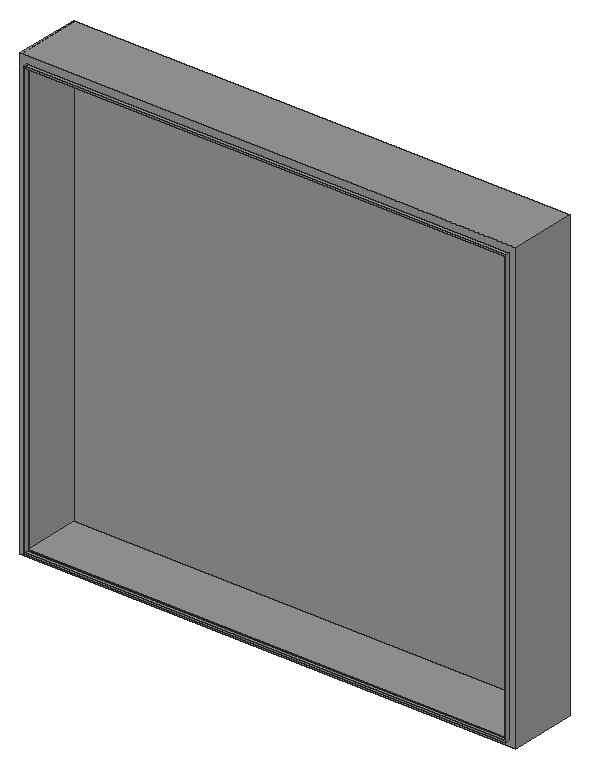
Revit family "Hager-Univers-IP30-D160-H950-Cl.II-FWQ_encl_QS-NoHosted-NL-en", category Equipement électrique, Revit 2020
Family settings
  Configuration du panneau = Deux colonnes, circuits au sein
  Cote de connecteur circulaire = Utiliser le diamètre
  Type d'élément = Tableau de raccordement
  Basée sur le plan de construction = Oui
  Toujours verticalement = Oui
  Couper avec des vides une fois chargée = Non
  Partagée = Non
  Point de calcul de pièce = Non
Parameters (values of type "Surface mounted (plaster) IP30 W1050 H950 D160  - FWQ64N1")
  Width Control [instance] = if([EF000008 - Width] > Min Width, [EF000008 - Width], Min Width)  # 1050 mm
  Commentaires du type = [HG000003 - Range]  # "Univers"
  Thickness Door [instance] = if([EF009171 - Material plate thickness door/cover] > 3 mm, 3 mm, [EF009171 - Material plate thickness door/cover])  # 2 mm
  Seal Frame Offset [instance] = 17 mm  # constant formula
  Plinth Visibility [instance] = [HG000027 - Plinth height] > 0 mm  # no
  Min Width [instance] = 100 mm  # constant formula
  Min Depth [instance] = (2 * [EF009170 - Material plate thickness cabinet]) + 1 mm  # 5 mm
  Min Height [instance] = 100 mm  # constant formula
  Internal Frame Depth [instance] = (Door System Depth * 0.5)  # 9 mm
  Panel Name [instance] = ""  # (empty or 0)
  Model = ""
  HG000027 - Plinth height = 0 mm
  HG000026 - Floor standing = no
  HG000024 - Bottom section height = 600 mm
  HG000023 - Double section enclosure = no
  HG000016 - Door 3d visibility [instance] = yes
  HG000015 - Clearance visibility [instance] = no
  HG000014 - Door on the right [instance] = yes
  HG000013 - Door on the left [instance] = not([HG000014 - Door on the right])  # no
  HG000012 - Door swing angle [instance] = 30.00°
  HG000010 - Asymmetric doors = no
  HG000009 - Double swing door = no
  HG000006 - Flush mounted = no
  HG000004 - Manufacturer reference = "FWQ64N1"
  HG000003 - Range = "Univers"
  HG000002 - With door or cover = no
  Frame Offset Bottom [instance] = 10 mm  # constant formula
  Frame Offset [instance] = 15 mm  # constant formula
  EF015940 - Cover with overpressure release = no
  EF011959 - Degree of protection (NEMA) = ""
  EF009554 - Number of openings for flange plates = 8
  EF009212 - Cover model = "EV009916 - With notch"
  EF009171 - Material plate thickness door/cover = 2 mm
  EF009170 - Material plate thickness cabinet = 2 mm
  EF008873 - Nominal current (In) = 125 A
  EF007800 - Suitable for lightning protection = no
  EF006306 - With lock = no
  EF006244 - Transparent cover/door = no
  EF005474 - Degree of protection (IP) = "EV006410 - IP30"
  EF004464 - Type of door = "EV002646 - Single"
  EF004427 - Number of modules = 192
  EF004293 - Impact strength = "EV006815 - IK09"
  EF003532 - Suitable for outdoor use = no
  EF002950 - Width in number of modular spacings = 48
  EF001613 - Circuit integrity = "EV000494 - None"
  EF001596 - Material housing = "EV000179 - Steel"
  EF001131 - Internal depth = 160 mm
  EF001088 - Extension possible = yes
  EF000437 - Number of conduit inlets = 16
  EF000339 - Type of cover = "EV001012 - Cover"
  EF000266 - Number of rows = 4
  EF000218 - Built-in depth = 0 mm
  EF000118 - With mounting plate = yes
  EF000116 - RAL-number = "9010"
  EF000049 - Depth = 160 mm
  EF000040 - Height = 950 mm
  EF000008 - Width = 1050 mm
  EF000007 - Colour = "EV000202 - White"
  EF000003 - Mounting method = "EV000384 - Surface mounted (plaster)"
  Door System Leaf Tolerance [instance] = 1.5 mm  # constant formula
  Door System Depth [instance] = 18 mm  # constant formula
  Door Height [instance] = Height Control - [HG000027 - Plinth height]  # 950 mm
  Description = ""
  Default Elevation = 1219.2 mm
  Connector Offset [instance] = Height Control / 2  # 475 mm
  Fabricant = "Hager"  # constant formula
  Height Control [instance] = if([EF000040 - Height] > Min Height, [EF000040 - Height], Min Height)  # 950 mm
  Depth Control [instance] = if([EF000049 - Depth] > Min Depth, [EF000049 - Depth], Min Depth)  # 160 mm
  Bottom Top Plate Trim [instance] = 1.5 mm  # constant formula
  Plinth height Ctrl [instance] = if([HG000027 - Plinth height] > 0 mm, [HG000027 - Plinth height], 12 mm)  # 12 mm
Reference planes
  plane 1 "Center (Front/Back)": y = 0
  plane 2: z = 0
  plane 3 "Center (Left/Right)": x = 0
  plane 4: y = 0
  plane 5: y = 0
  plane 6: z = 0
  plane 7: x = -525
  plane 8: x = 525
  plane 9: x = 523
  plane 10: x = -523
  plane 11: z = 0
  plane 12: z = 2
  plane 13: y = -160
  plane 14: y = -2
  plane 15: x = 0
  plane 16: y = -142
  plane 17: y = -158
  plane 18: y = -140
  plane 19: x = -508
  plane 20: x = 508
  plane 21: z = 12
  plane 22: x = -508
  plane 23: x = 508
  plane 24: z = 0
  plane 25: z = 950
  plane 26: z = 950
  plane 27: z = 933
  plane 28: z = 948
Forms (mm)
  Extrusion 1, solid, material "Hager_Steel_RAL7035_Light_Grey", detail levels medium+fine
    sketch origin (-208.679, -4572, 0) x (-1, 0, 0) y (0, -1, 0)
      loop
        line (316.321, -4430) -> (-733.679, -4430) -> (-733.679, -4572) -> (316.321, -4572) -> (316.321, -4430)
    from 0 to 950
  Extrusion 2, void
    sketch origin (-350.771, -160, 1219.2) x (1, 0, 0) y (0, 0, 1)
      loop
        line (-172.229, -271.2) -> (-172.229, -1217.2) -> (873.771, -1217.2) -> (873.771, -271.2) -> (-172.229, -271.2)
    from -20 to -158
  Extrusion 3, void
    sketch origin (-290.084, -142, 1219.2) x (1, 0, 0) y (0, 0, 1)
      loop
        line (-217.916, -1207.2) -> (798.084, -1207.2) -> (798.084, -286.2) -> (-217.916, -286.2) -> (-217.916, -1207.2)
    from 0 to -2
  Extrusion 4, solid, material "Hager_Steel_RAL7035_Light_Grey", visible <- "Plinth Visibility", detail levels medium+fine
    sketch origin (0, 0, 0) x (1, 0, 0) y (0, 1, 0)
      loop
        line (-525, 0) -> (-525, -142) -> (525, -142) -> (525, 0) -> (-525, 0)
    from 0 to 12 <- "Plinth height Ctrl"
  Extrusion 5, solid, material "Hager_Steel_RAL7035_Light_Grey", detail levels coarse
    sketch origin (0, 0, 0) x (1, 0, 0) y (0, 1, 0)
      loop
        line (-525, 0) -> (-525, -160) -> (525, -160) -> (525, 0) -> (-525, 0)
    from 0 to 950 <- "Height Control"
  Sweep 6, void
    path in 3D
      loop
        line (-525, -142, 12) -> (525, -142, 12) -> (525, 0, 12) -> (-525, 0, 12) -> (-525, -142, 12)
    profile origin (-525, -71, 12) x (1, 0, 0) y (0, 0, 1)
      loop
        line (0, 0) -> (0, -1.5) -> (1.5, -1.5)
        arc (1.5, -1.5) -> (1.061, -0.439) -> (0, 0) r 1.5
  Extrusion 7, solid, material "Hager_Steel_RAL7035_Light_Grey", detail levels fine
    sketch origin (-525, -142, 0) x (1, 0, 0) y (0, 0, 1)
      loop
        line (17, 12) -> (1033, 12) -> (1033, 933) -> (17, 933) -> (17, 12)
      loop
        line (15, 10) -> (1035, 10) -> (1035, 935) -> (15, 935) -> (15, 10)
    from 0 to 9 <- "Internal Frame Depth"
Cuts and joins
  Extrusion 2, Extrusion 3 cuts Extrusion 1
  Sweep 6 cuts Extrusion 4
Lines and regions (mm)
  Masking region 1
    outline origin (0, 0, 0) x (1, 0, 0) y (0, 1, 0)
      loop
        line (-525, 0) -> (-525, -160) -> (525, -160) -> (525, 0) -> (-525, 0)
  Masking region 2, detail levels coarse
    outline origin (-290.084, -142, 1219.2) x (-1, 0, 0) y (0, 0, 1)
      loop
        line (-815.084, -1219.2) -> (234.916, -1219.2) -> (234.916, -269.2) -> (-815.084, -269.2) -> (-815.084, -1219.2)
  Masking region 3, detail levels coarse
    outline origin (0, 0, 0) x (0, 1, 0) y (0, 0, 1)
      loop
        line (0, 0) -> (0, 950) -> (-160, 950) -> (-160, 0) -> (0, 0)
  Masking region 4, visible <- "Plinth Visibility", detail levels medium+fine
    outline origin (0, 0, 0) x (0, 1, 0) y (0, 0, 1)
      loop
        line (-1.5, 12) -> (-140.5, 12)
        arc (-140.5, 12) -> (-140.939, 10.939) -> (-142, 10.5) r 1.5
        line (-142, 10.5) -> (-142, 0) -> (0, 0) -> (0, 10.5)
        arc (0, 10.5) -> (-1.061, 10.939) -> (-1.5, 12) r 1.5
  Masking region 5, detail levels medium+fine
    outline origin (0, 0, 594.038) x (0, 1, 0) y (0, 0, 1)
      loop
        line (0, -594.038) -> (0, 355.962) -> (-142, 355.962) -> (-142, -594.038) -> (0, -594.038)
  Masking region 6, detail levels medium+fine
    outline origin (-359.7, -142, 1211.883) x (-1, 0, 0) y (0, 0, 1)
      loop
        line (-884.7, -1211.883) -> (165.3, -1211.883) -> (165.3, -261.883) -> (-884.7, -261.883) -> (-884.7, -1211.883)
  Masking region 7, visible <- "Plinth Visibility", detail levels medium+fine
    outline origin (-320.334, -142, 1041.368) x (-1, 0, 0) y (0, 0, 1)
      loop
        line (-845.334, -1041.368) -> (204.666, -1041.368) -> (204.666, -1030.868)
        arc (204.666, -1030.868) -> (203.606, -1030.429) -> (203.166, -1029.368) r 1.5
        line (203.166, -1029.368) -> (-843.834, -1029.368)
        arc (-843.834, -1029.368) -> (-844.273, -1030.429) -> (-845.334, -1030.868) r 1.5
        line (-845.334, -1030.868) -> (-845.334, -1041.368)
  sketch lines
    curve 1: line (-525, 0, 12) -> (-525, -142, 12)
    curve 2: line (-525, -142, 12) -> (525, -142, 12)
    curve 3: line (525, 0, 12) -> (-525, 0, 12)
    curve 4: line (525, -142, 12) -> (525, 0, 12)
Dimensions and locks
  locked: plane 1 "Center (Front/Back)" to plane 5
  "EF009170 - Material plate thickness cabinet": plane 7 to plane 10
  "EF009170 - Material plate thickness cabinet": plane 8 to plane 9
  equal spacing: plane 7, plane 3 "Center (Left/Right)", plane 8
  "Width Control": plane 7 to plane 8
  "Depth Control": plane 4 to plane 13
  "EF009170 - Material plate thickness cabinet": plane 4 to plane 14
  "Height Control": plane 25 to level
  "HG000027 - Plinth height": plane 11 to level
  "EF009170 - Material plate thickness cabinet": plane 12 to plane 11
  "EF009170 - Material plate thickness cabinet": plane 17 to plane 13
  "EF009170 - Material plate thickness cabinet": plane 18 to plane 16
  "Frame Offset Bottom": plane 21 to plane 12
  "Frame Offset": plane 10 to plane 19
  "Frame Offset": plane 9 to plane 20
  "Door System Depth": plane 16 to plane 13
  "Seal Frame Offset": plane 7 to plane 22
  "Seal Frame Offset": plane 8 to plane 23
  "EF009170 - Material plate thickness cabinet": plane 26 to plane 28
  "Frame Offset": plane 28 to plane 27
  "Connector Offset": plane 2 to connector elem
  "Bottom Top Plate Trim": profile plane to Sweep 6 sketch curve
  "Bottom Top Plate Trim": Sweep 6 sketch curve to Sweep 6 sketch curve
  "Plinth height Ctrl": Masking region 4 sketch curve to level
  "Plinth height Ctrl": Masking region 7 sketch curve to level
  "Thickness Door": Extrusion 7 sketch curve to Extrusion 7 sketch curve  (x4)
  "Bottom Top Plate Trim": radius of Sweep 6 sketch curve
  "Bottom Top Plate Trim": radius of Masking region 4 sketch curve  (x2)
  "Bottom Top Plate Trim": radius of Masking region 7 sketch curve  (x2)
  aligned and locked: Extrusion 2 sketch curve to plane 12
  aligned and locked: Extrusion 2 sketch curve to plane 9
  aligned and locked: Extrusion 2 sketch curve to plane 10
  aligned and locked: Extrusion 2 to plane 14
  aligned and locked: Extrusion 1 sketch curve to plane 4
  aligned and locked: plane 8 to Extrusion 1 sketch curve
  aligned and locked: plane 7 to Extrusion 1 sketch curve
  aligned and locked: Extrusion 2 to plane 18
  aligned and locked: Extrusion 3 sketch curve to plane 19
  aligned and locked: plane 20 to Extrusion 3 sketch curve
  aligned and locked: Extrusion 3 to Extrusion 2
  aligned and locked: Extrusion 3 sketch curve to plane 21
  aligned and locked: plane 3 "Center (Left/Right)" to nested 1
  aligned and locked: Extrusion 1 sketch curve to plane 16
  aligned and locked: Extrusion 4 sketch curve to cut or joined group of Extrusion 1, Extrusion 2, Extrusion 3
  aligned and locked: Masking region 1 sketch curve to plane 7
  aligned and locked: Masking region 1 sketch curve to plane 5
  aligned and locked: Masking region 1 sketch curve to plane 8
  aligned and locked: Masking region 2 sketch curve to level
  aligned and locked: level to Masking region 3 sketch curve
  aligned and locked: plane 1 "Center (Front/Back)" to Masking region 3 sketch curve
  aligned and locked: plane 13 to Masking region 3 sketch curve
  aligned and locked: plane 5 to Masking region 4 sketch curve
  aligned and locked: Masking region 2 sketch curve to plane 8
  aligned and locked: Masking region 2 sketch curve to plane 7
  aligned and locked: plane 7 to nested 2
  aligned and locked: nested 2 to plane 5
  aligned and locked: plane 5 to Masking region 5 sketch curve
  aligned and locked: plane 26 to Masking region 5 sketch curve
  aligned and locked: Extrusion 5 sketch curve to plane 8
  aligned and locked: Extrusion 5 sketch curve to plane 7
  aligned and locked: Extrusion 5 sketch curve to plane 5
  aligned and locked: Extrusion 3 sketch curve to plane 27
  aligned and locked: Extrusion 2 sketch curve to plane 28
  aligned and locked: Masking region 2 to plane 25
  aligned and locked: Extrusion 4 to plane 16
  aligned and locked: profile plane to Sweep 6 sketch curve
  aligned and locked: Masking region 5 sketch curve to plane 24
  aligned and locked: level to Masking region 4 sketch curve
  aligned and locked: Masking region 1 to plane 13
  aligned and locked: nested 1 to plane 16
  aligned and locked: Masking region 3 to plane 25
  aligned and locked: plane 16 to Masking region 4 sketch curve
  aligned and locked: Masking region 5 sketch curve to plane 16
  aligned and locked: plane 24 to plane 11
  aligned and locked: plane 26 to plane 25
  aligned and locked: plane 26 to cut or joined group of Extrusion 1, Extrusion 2, Extrusion 3
  aligned and locked: nested 1 to plane 24
  aligned and locked: Extrusion 1 to Extrusion 3
  aligned and locked: Masking region 6 sketch curve to plane 8
  aligned and locked: Masking region 6 sketch curve to plane 24
  aligned and locked: Masking region 6 sketch curve to plane 7
  aligned and locked: Masking region 6 sketch curve to plane 26
  aligned and locked: Masking region 7 sketch curve to plane 7
  aligned and locked: level to Masking region 7 sketch curve
  aligned and locked: Masking region 7 sketch curve to plane 8
  aligned and locked: Extrusion 7 sketch curve to cut or joined group of Extrusion 1, Extrusion 2, Extrusion 3  (x4)
Automatic sketch dimensions
  plane 19 to Extrusion 3 sketch curve = 0 mm
  Extrusion 3 sketch curve to plane 20 = 0 mm
  Extrusion 3 sketch curve to plane 21 = 0 mm
  Extrusion 4 sketch curve to plane 7 = 0 mm
  Extrusion 4 sketch curve to plane 8 = 0 mm
  Extrusion 4 sketch curve to plane 16 = 0 mm
  Masking region 1 sketch curve to plane 13 = 0 mm
  Masking region 2 sketch curve to plane 25 = 0 mm
  Masking region 3 sketch curve to plane 25 = 0 mm
  Extrusion 5 sketch curve to plane 13 = 0 mm
  profile plane to Sweep 6 sketch curve = 0 mm
Nested families
  nested 1: "EC000058_Univers_Door" at (0, -142, 0), Double <- "HG000009 - Double swing door", Transparent <- "EF006244 - Transparent cover/door", Angle <- "HG000012 - Door swing angle", Door_Right <- "HG000014 - Door on the right", Assymetrical <- "HG000010 - Asymmetric doors", Door <- "HG000002 - With door or cover", Width_Ctrl <- "Width Control", 3d_Door <- "HG000016 - Door 3d visibility", Clearance <- "HG000015 - Clearance visibility", Door_Left <- "HG000013 - Door on the left", Width <- "Width Control", Door_Depth <- "Door System Depth", Leaf_Tolerance <- "Door System Leaf Tolerance", Height <- "Door Height", Lock_Visibility <- "EF006306 - With lock", Thickness <- "Thickness Door", type "EC000058_Univers_Door", detail levels medium+fine
    with min_wh 5 mm, Width_Ctrl 1050 mm, Width 1050 mm, Transparent no, Thickness 2 mm, Seal_Material Hager_Rubber, Lock_Visibility no, Lock_Material Hager_Plastic_RAL9005_Jet_Black, Leaf_Width 1050 mm, Leaf_Tolerance_External_Sides 0 mm, Leaf_Tolerance 1.5 mm, Leaf_Offset 0 mm, Leaf_Height 947 mm, Leaf_2_Width 1050 mm, Leaf_2_Offset 525 mm, Leaf_1_Width 1050 mm, Leaf_1_Offset 525 mm, Height_Ctrl 950 mm, Height 950 mm, Glass_Material Hager_Glass, Double_Clearance_Ctrl no, Double no, Door_Right_Ctrl no, Door_Right yes, Door_Material Hager_Steel_RAL7035_Light_Grey, Door_Left_Ctrl no, Door_Left no, Door_Depth 18 mm, Door no, Clearance_Material Hager_Clearance, Clearance_Depth 1050 mm, Clearance_Ctrl no, Clearance no, Assymetrical no, Angle 30.00°, 3d_Door yes
  nested 2: "Hager_Enclosure_Symbol" at (-525, 0, 0), Height <- "Depth Control", Width <- "Width Control", type "Hager_Enclosure_Symbol"
    with Width_Ctrl 1050 mm, Width 1050 mm, Height_Ctrl 160 mm, Height 160 mm, A_Width_Int 10.5 mm, A_Width 126 mm, A_Height_Ctrl 140 mm, A_Height 140 mm
Connectors
  electrical at (0, 0, 475)
    settings: on plane 1 "Center (Front/Back)", index 1, voltage 0 V, apparent load 0 VA, apparent load phase1 0 VA, apparent load phase2 0 VA, apparent load phase3 0 VA, power factor 1, load classification "Other", number of poles 1, system type 30, power factor state 1, is connector primary yes, connector utility no, sub classification motor no, connector description ""
Definition of nested family "EC000058_Univers_Door"
  Parameters (values of type "EC000058_Univers_Door")
    min_wh [instance] = (2 * Thickness) + 1 mm  # 11 mm
    Width_Ctrl [instance] = 400 mm
    Width [instance] = 500 mm
    Transparent [instance] = yes
    Thickness [instance] = 5 mm
    Seal_Material [instance] = none
    Lock_Visibility [instance] = yes
    Lock_Material [instance] = none
    Leaf_Width [instance] = if((Width_Ctrl - 2 * Leaf_Tolerance_External_Sides) > 0 mm, (Width_Ctrl - 2 * Leaf_Tolerance_External_Sides), min_wh)  # 400 mm
    Leaf_Tolerance_External_Sides [instance] = 0 mm  # constant formula
    Leaf_Tolerance [instance] = 1.5 mm
    Leaf_Offset [instance] = 0 mm  # constant formula
    Leaf_Height [instance] = if((Height_Ctrl - 2 * Leaf_Tolerance) > 0 mm, (Height_Ctrl - 2 * Leaf_Tolerance), min_wh)  # 497 mm
    Leaf_2_Width [instance] = if(and(and(Double, Assymetrical), Door_Left), (Leaf_Width / 3) - (Leaf_Tolerance / 2), if(and(and(Double, Assymetrical), Door_Right), (Leaf_Width / 3) * 2 - (Leaf_Tolerance / 2), if(and(Double, not(Assymetrical)), (Leaf_Width / 2) - Leaf_Tolerance, Leaf_Width)))  # 400 mm
    Leaf_2_Offset [instance] = if(and(Double, Assymetrical), Leaf_2_Width / 2, if(and(Double, not(Assymetrical)), Leaf_Width / 4, Leaf_Width / 2))  # 200 mm
    Leaf_1_Width [instance] = if(and(and(Double, Assymetrical), Door_Right), (Leaf_Width / 3) - (Leaf_Tolerance / 2), if(and(and(Double, Assymetrical), Door_Left), (Width / 3) * 2 - (Leaf_Tolerance / 2), if(and(Double, not(Assymetrical)), (Leaf_Width / 2) - Leaf_Tolerance, Leaf_Width)))  # 400 mm
    Leaf_1_Offset [instance] = if(and(Double, Assymetrical), Leaf_1_Width / 2, if(and(Double, not(Assymetrical)), Leaf_Width / 4, Leaf_Width / 2))  # 200 mm
    Height_Ctrl [instance] = if(Height > min_wh, Height, min_wh)  # 500 mm
    Height [instance] = 500 mm
    Glass_Material [instance] = none
    Double_Clearance_Ctrl [instance] = and(Double, Clearance)  # no
    Double [instance] = no
    Door_Right_Ctrl [instance] = and(or(Door_Right, Double), Door)  # yes
    Door_Right [instance] = yes
    Door_Material [instance] = none
    Door_Left_Ctrl [instance] = and(or(Door_Left, Double), Door)  # no
    Door_Left [instance] = no
    Door_Depth [instance] = 30 mm
    Door [instance] = yes
    Default Elevation = 1219.2 mm
    Clearance_Material [instance] = none
    Clearance_Depth [instance] = if(Leaf_1_Width > Leaf_2_Width, Leaf_1_Width, Leaf_2_Width)  # 400 mm
    Clearance_Ctrl [instance] = and(not(Double), Clearance)  # yes
    Clearance [instance] = yes
    Assymetrical [instance] = yes
    Angle [instance] = 30.00°
    3d_Door [instance] = yes
  Reference planes
    plane 1 "Center (Front/Back)": y = 0
    plane 2 "Bottom": z = 0
    plane 3 "Center (Left/Right)": x = 0
    plane 4: z = 500
    plane 5: x = -200
    plane 6: x = 200
    plane 7: z = 500
    plane 8: x = -200
    plane 9: z = 0
    plane 10: x = 200
    plane 11: y = 0
    plane 12: z = 1.5
    plane 13: x = -600
    plane 14: y = -400
    plane 15: x = 600
    plane 16: x = 0
    plane 17: x = 0
    plane 18: x = -200
    plane 19: x = 200
    plane 20: z = 498.5
  Forms (mm)
    Extrusion 1, solid, material <- "Clearance_Material", visible <- "Double_Clearance_Ctrl"
      sketch origin (1200, 0, 0) x (1, 0, 0) y (0, 0, -1)
        loop
          line (-1800, -498.5) -> (-600, -498.5) -> (-600, 0) -> (-1800, 0) -> (-1800, -498.5)
      from 0 to -400
  Dimensions and locks
    equal spacing: plane 5, plane 3 "Center (Left/Right)", plane 6
    "Width_Ctrl": plane 5 to plane 6
    "Leaf_Offset": plane 5 to plane 8
    "Leaf_Offset": plane 6 to plane 10
    "Leaf_Offset": plane 9 to level
    "Leaf_Offset": plane 4 to plane 7
    "Height_Ctrl": plane 4 to level
    "Leaf_Tolerance": plane 12 to plane 9
    locked: plane 11 to plane 1 "Center (Front/Back)"
    "Leaf_1_Offset": plane 18 to plane 16
    "Leaf_2_Offset": plane 17 to plane 19
    "Leaf_1_Width": plane 13 to plane 8
    "Leaf_2_Width": plane 10 to plane 15
    "Clearance_Depth": plane 14 to plane 1 "Center (Front/Back)"
    "Leaf_Tolerance_External_Sides": plane 8 to plane 18
    "Leaf_Tolerance_External_Sides": plane 19 to plane 10
    "Leaf_Tolerance": plane 7 to plane 20
    aligned and locked: level to plane 2 "Bottom"
    aligned and locked: nested 1 to plane 16
    aligned and locked: nested 2 to plane 17
    aligned and locked: Extrusion 1 to plane 13
    aligned and locked: plane 15 to Extrusion 1
    aligned and locked: Extrusion 1 to plane 14
    aligned and locked: plane 12 to nested 1
    aligned and locked: nested 2 to plane 12
    aligned and locked: Extrusion 1 to plane 11
    aligned and locked: plane 20 to Extrusion 1
    aligned and locked: nested 2 to plane 11
    aligned and locked: nested 1 to plane 11
  Automatic sketch dimensions
    Extrusion 1 sketch curve to level = 0 mm
    plane 5 to Extrusion 1 sketch curve = 400 mm
    plane 6 to Extrusion 1 sketch curve = 400 mm
    Extrusion 1 sketch curve to plane 4 = 1.5 mm
  Nested families
    nested 1: "EC000058_Univers_Door_Leaf" at (0, 0, 1.5), Width <- "Leaf_1_Width", visible <- "Door_Left_Ctrl", Leaf_Height <- "Leaf_Height", Angle <- "Angle", 3d_Door <- "3d_Door", Transparent <- "Transparent", Clearance Material <- "Clearance_Material", Clearance <- "Clearance_Ctrl", Door_Material <- "Door_Material", Glass_Material <- "Glass_Material", Door_Depth <- "Door_Depth", Lock_Material <- "Lock_Material", Seal_Material <- "Seal_Material", Lock_Visibility <- "Lock_Visibility", Thickness <- "Thickness", type "EC000058_Univers_Door_Leaf"
      with Width 400 mm, Transparent_Glass_Offset 30 mm, Transparent_Ctrl yes, Transparent yes, Thickness 5 mm, Standard no, Seal_Material none, Seal_D2 8 mm, Seal_D1 1 mm, Offset_Internal_Frame 10 mm, Lock_Width 20 mm, Lock_Visibility_3d yes, Lock_Visibility yes, Lock_Thickness_3 3 mm, Lock_Thickness_2 1 mm, Lock_Thickness_1 3 mm, Lock_Radius_Offset_2 16 mm, Lock_Radius_Offset_1 15 mm, Lock_Radius_2 5 mm, Lock_Radius 6 mm, Lock_Offset 5 mm, Lock_Material none, Lock_Height 80 mm, Lock_Cover_Top_Offset_2d 17 mm, Lock_Cover_Height -65 mm, Leaf_Height 497 mm, Internal_Seal_Thickness 8 mm, Internal_Seal_Depth_2 4.5 mm, Internal_Frame_Depth 25 mm, Glass_Thickness -1 mm, Glass_Offset -2 mm, Glass_Material none, Door_Material none, Door_Depth 30 mm, Clearance Material none, Clearance yes, Angle_Ctrl 30.00°, Angle 30.00°, 3d_Door yes
    nested 2: "EC000058_Univers_Door_Leaf" at (0, 0, 1.5) x (-1, 0, 0) z (0, 0, 1), Width <- "Leaf_2_Width", visible <- "Door_Right_Ctrl", Leaf_Height <- "Leaf_Height", Angle <- "Angle", 3d_Door <- "3d_Door", Transparent <- "Transparent", Clearance Material <- "Clearance_Material", Clearance <- "Clearance_Ctrl", Door_Material <- "Door_Material", Glass_Material <- "Glass_Material", Door_Depth <- "Door_Depth", Lock_Material <- "Lock_Material", Seal_Material <- "Seal_Material", Lock_Visibility <- "Lock_Visibility", Thickness <- "Thickness", type "EC000058_Univers_Door_Leaf"
      with Width 400 mm, Transparent_Glass_Offset 30 mm, Transparent_Ctrl yes, Transparent yes, Thickness 5 mm, Standard no, Seal_Material none, Seal_D2 8 mm, Seal_D1 1 mm, Offset_Internal_Frame 10 mm, Lock_Width 20 mm, Lock_Visibility_3d yes, Lock_Visibility yes, Lock_Thickness_3 3 mm, Lock_Thickness_2 1 mm, Lock_Thickness_1 3 mm, Lock_Radius_Offset_2 16 mm, Lock_Radius_Offset_1 15 mm, Lock_Radius_2 5 mm, Lock_Radius 6 mm, Lock_Offset 5 mm, Lock_Material none, Lock_Height 80 mm, Lock_Cover_Top_Offset_2d 17 mm, Lock_Cover_Height -65 mm, Leaf_Height 497 mm, Internal_Seal_Thickness 8 mm, Internal_Seal_Depth_2 4.5 mm, Internal_Frame_Depth 25 mm, Glass_Thickness -1 mm, Glass_Offset -2 mm, Glass_Material none, Door_Material none, Door_Depth 30 mm, Clearance Material none, Clearance yes, Angle_Ctrl 30.00°, Angle 30.00°, 3d_Door yes
  Definition of nested family "EC000058_Univers_Door_Leaf"
    Parameters (values of type "EC000058_Univers_Door_Leaf")
      Width [instance] = 2000 mm
      Transparent_Glass_Offset [instance] = 30 mm
      Transparent_Ctrl [instance] = and(Transparent, [3d_Door])  # yes
      Transparent [instance] = yes
      Thickness [instance] = 5 mm
      Standard [instance] = and(not(Transparent), [3d_Door])  # no
      Seal_Material [instance] = none
      Seal_D2 [instance] = 8 mm  # constant formula
      Seal_D1 [instance] = 1 mm  # constant formula
      Offset_Internal_Frame [instance] = 10 mm  # constant formula
      Lock_Width [instance] = 20 mm  # constant formula
      Lock_Visibility_3d [instance] = and(Lock_Visibility, [3d_Door])  # yes
      Lock_Visibility [instance] = yes
      Lock_Thickness_3 [instance] = 3 mm  # constant formula
      Lock_Thickness_2 [instance] = 1 mm  # constant formula
      Lock_Thickness_1 [instance] = 3 mm  # constant formula
      Lock_Radius_Offset_2 [instance] = Lock_Radius_Offset_1 + 1 mm  # 16 mm
      Lock_Radius_Offset_1 [instance] = 15 mm  # constant formula
      Lock_Radius_2 [instance] = Lock_Radius - 1 mm  # 5 mm
      Lock_Radius [instance] = 6 mm  # constant formula
      Lock_Offset [instance] = 5 mm  # constant formula
      Lock_Material [instance] = none
      Lock_Height [instance] = 80 mm  # constant formula
      Lock_Cover_Top_Offset_2d [instance] = Lock_Radius_Offset_2 + 1 mm  # 17 mm
      Lock_Cover_Height [instance] = -(Lock_Height - Lock_Radius_Offset_1)  # -65 mm
      Leaf_Height [instance] = 2720.336 mm
      Internal_Seal_Thickness [instance] = 8 mm  # constant formula
      Internal_Seal_Depth_2 [instance] = 4.5 mm  # constant formula
      Internal_Frame_Depth [instance] = if(Door_Depth - Thickness > 5 mm, Door_Depth - Thickness, 5 mm)  # 25 mm
      Glass_Thickness [instance] = if(Thickness > 15 mm, Glass_Offset + 10 mm, -1 mm)  # -1 mm
      Glass_Offset [instance] = if(Thickness > 15 mm, -(Thickness + 10 mm) / 2, -2 mm)  # -2 mm
      Glass_Material [instance] = none
      Door_Material [instance] = none
      Door_Depth [instance] = 30 mm
      Default Elevation = 0 mm
      Clearance Material [instance] = none
      Clearance [instance] = yes
      Angle_Ctrl [instance] = if(Angle > 180.00°, 180.00°, Angle)  # 90.00°
      Angle [instance] = 90.00°
      3d_Door [instance] = yes
    Reference planes
      plane 1 "Center (Front/Back)": y = 0
      plane 2: z = 0
      plane 3 "Center (Left/Right)": x = 0
      plane 4: y = 2000
      plane 5: x = -1000
      plane 6: x = 1000
      plane 7: x = -3000
      plane 8: z = 2720.336
      plane 9: z = 30
      plane 10: z = 2690.336
      plane 11: x = 970
      plane 12: x = -970
      plane 13: y = -3
      plane 14: z = 107.833
      plane 15: y = -5
      plane 16: y = -223.314
      plane 17: x = -1000
      plane 18: z = 1360.168
      plane 19: y = 30
    Forms (mm)
      Extrusion 1, solid, material <- "Clearance Material", visible <- "Clearance"
        sketch origin (0, 0, 0) x (1, 0, 0) y (0, 0, 1)
          loop
            line (-3000, 2720.336) -> (-3000, 0) -> (1000, 0) -> (1000, 2720.336) -> (-3000, 2720.336)
        from 0 to -2000
      Extrusion 2, solid, material <- "Door_Material", visible <- "Standard", detail levels medium+fine
        sketch origin (-1000, 0, 0) x (0, 1, 0) y (-1, 0, 0)
          loop
            line (0, 30) -> (0, 25) -> (2000, 25) -> (2000, 30) -> (0, 30)
        from 0 to 2720.336 <- "Leaf_Height"
      Extrusion 3, solid, material <- "Door_Material", visible <- "Transparent_Ctrl", detail levels medium+fine
        sketch origin (-1000, 0, 0) x (0, 1, 0) y (-1, 0, 0)
          loop
            line (0, 25) -> (2000, 25) -> (2000, 30) -> (0, 30) -> (0, 25)
        from 0 to 2720.336 <- "Leaf_Height"
      Extrusion 4, void
        sketch origin (-1025, 2000, 0) x (0, 1, 0) y (0, 0, -1)
          loop
            line (-30, -2690.336) -> (-30, -30) -> (-1970, -30) -> (-1970, -2690.336) -> (-30, -2690.336)
        from 0 to 5 <- "Thickness"
      Sweep 5, solid, material <- "Seal_Material", visible <- "Transparent_Ctrl", detail levels fine
        path in 3D
          loop
            line (-1025, 30, 30) -> (-1025, 30, 2690.336) -> (-1025, 1970, 2690.336) -> (-1025, 1970, 30) -> (-1025, 30, 30)
        profile origin (-1025, 1000, 30) x (1, 0, 0) y (0, 0, 1)
          loop
            line (0, 0) -> (0, -8) -> (1, -8) -> (1, 0) -> (0, 0)
      Extrusion 6, solid, material <- "Glass_Material", visible <- "Transparent_Ctrl", detail levels medium+fine
        sketch origin (-1030, 0, 0) x (0, 1, 0) y (0, 0, -1)
          loop
            line (1970, -2690.336) -> (1970, -30) -> (30, -30) -> (30, -2690.336) -> (1970, -2690.336)
        from -2 <- "Glass_Offset" to -1 <- "Glass_Thickness"
      Extrusion 7, solid, material <- "Door_Material", visible <- "3d_Door", detail levels medium+fine
        sketch origin (-1025, 2000, 0) x (0, -1, 0) y (0, 0, -1)
          loop
            line (0, -2720.336) -> (2000, -2720.336) -> (2000, 0) -> (0, 0) -> (0, -2720.336)
          loop
            line (1995, -5) -> (5, -5) -> (5, -2715.336) -> (1995, -2715.336) -> (1995, -5)
        from 0 to 25 <- "Internal_Frame_Depth"
      Sweep 8, solid, material <- "Seal_Material", visible <- "Transparent_Ctrl", detail levels fine
        path in 3D
          loop
            line (-1025, 0, 0) -> (-1025, 2000, 0) -> (-1025, 2000, 2720.336) -> (-1025, 0, 2720.336) -> (-1025, 0, 0)
        profile origin (-1025, 0, 1360.168) x (1, 0, 0) y (0, 1, 0)
          loop
            line (0, 10) -> (2.975, 10)
            arc (2.975, 10) -> (4.053, 10.447) -> (4.5, 11.525) r 1.525
            line (4.5, 11.525) -> (4.5, 16.527)
            arc (4.5, 16.527) -> (4.069, 17.569) -> (3.027, 18) r 1.473
            line (3.027, 18) -> (0, 18) -> (0, 10)
      Extrusion 9, solid, material <- "Lock_Material", visible <- "Lock_Visibility_3d", detail levels fine
        sketch origin (-1030, 0, 0) x (0, 1, 0) y (0, 0, -1)
          loop
            arc (1993.5, -1400.168) -> (1994.561, -1399.729) -> (1995, -1398.668) r 1.5
            line (1995, -1398.668) -> (1995, -1320.168) -> (1975, -1320.168) -> (1975, -1398.668)
            arc (1975, -1398.668) -> (1975.439, -1399.729) -> (1976.5, -1400.168) r 1.5
            line (1976.5, -1400.168) -> (1993.5, -1400.168)
        from 3 <- "Lock_Thickness_1" to 0
      Blend 10, solid, material <- "Lock_Material", visible <- "Lock_Visibility_3d", detail levels fine
        base sketch origin (-1033, 0, 0) x (0, 1, 0) y (0, 0, -1)
          loop
            line (1975, -1320.168) -> (1975, -1398.668)
            arc (1975, -1398.668) -> (1975.439, -1399.729) -> (1976.5, -1400.168) r 1.5
            line (1976.5, -1400.168) -> (1993.5, -1400.168)
            arc (1993.5, -1400.168) -> (1994.561, -1399.729) -> (1995, -1398.668) r 1.5
            line (1995, -1398.668) -> (1995, -1320.168) -> (1975, -1320.168)
        top sketch origin (-1033, 0, 0) x (0, 1, 0) y (0, 0, -1)
          loop
            line (1976, -1320.168) -> (1976, -1398.668)
            arc (1976, -1398.668) -> (1976.146, -1399.022) -> (1976.5, -1399.168) r 0.5
            line (1976.5, -1399.168) -> (1993.5, -1399.168)
            arc (1993.5, -1399.168) -> (1993.854, -1399.022) -> (1994, -1398.668) r 0.5
            line (1994, -1398.668) -> (1994, -1320.168) -> (1976, -1320.168)
        from 0 to 1 <- "Lock_Thickness_2"
      Blend 11, solid, material <- "Lock_Material", visible <- "Lock_Visibility_3d", detail levels fine
        base sketch origin (-1034, 0, 0) x (0, 1, 0) y (0, 0, -1)
          loop
            line (1978, -1320.168) -> (1978, -1384.168)
            arc (1978, -1384.168) -> (1985, -1391.168) -> (1992, -1384.168) r 7
            line (1992, -1384.168) -> (1992, -1320.168) -> (1978, -1320.168)
        top sketch origin (-1034, 0, 0) x (0, 1, 0) y (0, 0, -1)
          loop
            line (1991, -1320.168) -> (1979, -1320.168) -> (1979, -1383.168)
            arc (1979, -1383.168) -> (1985, -1389.168) -> (1991, -1383.168) r 6
            line (1991, -1383.168) -> (1991, -1320.168)
        from 0 to 3 <- "Lock_Thickness_3"
      Extrusion 12, solid, material <- "Lock_Material", visible <- "Lock_Visibility_3d", detail levels fine
        sketch origin (-1030, 1975, 1320.168) x (1, 0, 0) y (0, -1, 0)
          loop
            line (-7, -19) -> (-7, -1) -> (0, -1) -> (0, 0) -> (-8, 0) -> (-8, -20) -> (0, -20) -> (0, -19) -> (-7, -19)
        from 0 to -65 <- "Lock_Cover_Height"
      Extrusion 13, void
        sketch origin (-1038, 1995, 1320.168) x (-1, 0, 0) y (0, 0, -1)
          loop
            line (-5, -65) -> (0, -65) -> (-5, -60) -> (-5, -65)
        from 0 to 20 <- "Lock_Width"
      Extrusion 14, void
        sketch origin (-1038, 1975, 1320.168) x (0, -1, 0) y (0, 0, -1)
          loop
            circle (-10, -15.995) r 6
          loop
            circle (-10, -15.995) r 5
        from 0 to 2
      Extrusion 15, solid, material <- "Lock_Material", visible <- "Lock_Visibility_3d", detail levels medium
        sketch origin (-1030, 0, 0) x (0, 1, 0) y (0, 0, -1)
          loop
            arc (1993.5, -1400.168) -> (1994.561, -1399.729) -> (1995, -1398.668) r 1.5
            line (1995, -1398.668) -> (1995, -1320.168) -> (1975, -1320.168) -> (1975, -1398.668)
            arc (1975, -1398.668) -> (1975.439, -1399.729) -> (1976.5, -1400.168) r 1.5
            line (1976.5, -1400.168) -> (1993.5, -1400.168)
        from 8 to 0
    Cuts and joins
      Extrusion 4 cuts Extrusion 3
      Extrusion 13, Extrusion 14 cuts Extrusion 9
      Extrusion 14 cuts Blend 11
      Extrusion 13, Extrusion 14 cuts Extrusion 12
      joined: Extrusion 9, Blend 10, Blend 11, Extrusion 12
      Extrusion 14 cuts Extrusion 15
    Lines and regions (mm)
      Masking region 1, visible <- "Lock_Visibility", detail levels fine
        outline origin (0, 0, 0) x (0, 1, 0) y (0, 0, 1)
          loop
            line (30, 1320.168) -> (33, 1320.168) -> (33, 1400.168) -> (30, 1400.168) -> (30, 1320.168)
      Masking region 2, visible <- "Lock_Visibility", detail levels fine
        outline origin (0, 3.143, 0) x (0, 1, 0) y (0, 0, 1)
          loop
            line (29.857, 1354.168) -> (30.857, 1354.168) -> (30.857, 1366.168) -> (29.857, 1366.168) -> (29.857, 1354.168)
      Masking region 3, detail levels medium+fine
        outline origin (0, 0, 0) x (0, 1, 0) y (0, 0, 1)
          loop
            line (0, 0) -> (30, 0) -> (30, 2720.336) -> (0, 2720.336) -> (0, 0)
      Masking region 4, detail levels medium+fine
        outline origin (0, 0, 0) x (1, 0, 0) y (0, 0, 1)
          loop
            line (-1000, 2720.336) -> (-1000, 0) -> (1000, 0) -> (1000, 2720.336) -> (-1000, 2720.336)
      Masking region 5, visible <- "Lock_Visibility", detail levels fine
        outline origin (-47.116, 0, 0) x (1, 0, 0) y (0, 0, 1)
          loop
            arc (1024.616, 1399.168) -> (1023.556, 1398.729) -> (1023.116, 1397.668) r 1.5
            line (1023.116, 1397.668) -> (1023.116, 1320.168) -> (1041.116, 1320.168) -> (1041.116, 1397.668)
            arc (1041.116, 1397.668) -> (1040.677, 1398.729) -> (1039.616, 1399.168) r 1.5
            line (1039.616, 1399.168) -> (1024.616, 1399.168)
      Masking region 6, visible <- "Lock_Visibility", detail levels medium+fine
        outline origin (-25, 0, 0) x (1, 0, 0) y (0, 0, 1)
          loop
            arc (1001.5, 1400.168) -> (1000.439, 1399.729) -> (1000, 1398.668) r 1.5
            line (1000, 1398.668) -> (1000, 1320.168) -> (1020, 1320.168) -> (1020, 1398.668)
            arc (1020, 1398.668) -> (1019.561, 1399.729) -> (1018.5, 1400.168) r 1.5
            line (1018.5, 1400.168) -> (1001.5, 1400.168)
      Masking region 7, visible <- "Lock_Visibility", detail levels fine
        outline origin (-73.735, 0, 0) x (1, 0, 0) y (0, 0, 1)
          loop
            line (1051.735, 1382.168) -> (1065.735, 1382.168) -> (1065.735, 1384.168)
            arc (1065.735, 1384.168) -> (1058.735, 1391.168) -> (1051.735, 1384.168) r 7
            line (1051.735, 1384.168) -> (1051.735, 1382.168)
      Masking region 8, visible <- "Lock_Visibility", detail levels fine
        outline origin (-73.735, 0, 0) x (1, 0, 0) y (0, 0, 1)
          loop
            line (1052.735, 1382.168) -> (1064.735, 1382.168) -> (1064.735, 1383.168)
            arc (1064.735, 1383.168) -> (1058.735, 1389.168) -> (1052.735, 1383.168) r 6
            line (1052.735, 1383.168) -> (1052.735, 1382.168)
      Masking region 9, visible <- "Lock_Visibility", detail levels fine
        outline origin (-25, 0, 0) x (1, 0, 0) y (0, 0, 1)
          loop
            line (1020, 1320.168) -> (1020, 1382.168) -> (1000, 1382.168) -> (1000, 1320.168) -> (1020, 1320.168)
      Masking region 10, detail levels medium+fine
        outline origin (0, 0, 0) x (1, 0, 0) y (0, 0, 1)
          loop
            circle (985, 1335.144) r 6
      Masking region 11, detail levels fine
        outline origin (0, 0, 0) x (1, 0, 0) y (0, 0, 1)
          loop
            circle (985, 1335.144) r 5
      Masking region 12, visible <- "Lock_Visibility", detail levels fine
        outline origin (0, 12.767, 0) x (0, 1, 0) y (0, 0, 1)
          loop
            line (20.233, 1320.168) -> (21.233, 1320.168) -> (21.233, 1399.168) -> (20.233, 1400.168) -> (20.233, 1320.168)
      Masking region 13, visible <- "Lock_Visibility", detail levels fine
        outline origin (0, 13.767, -10) x (0, 1, 0) y (0, 0, 1)
          loop
            line (20.233, 1330.168) -> (23.233, 1330.168) -> (23.233, 1399.168) -> (20.233, 1402.168) -> (20.233, 1330.168)
      Masking region 14, visible <- "Lock_Visibility", detail levels fine
        outline origin (0, 12.767, -10) x (0, 1, 0) y (0, 0, 1)
          loop
            line (20.233, 1330.168) -> (25.233, 1330.168) -> (25.233, 1399.305) -> (20.233, 1394.305) -> (20.233, 1330.168)
      Masking region 15, visible <- "Lock_Visibility", detail levels medium
        outline origin (0, 0, 0) x (0, 1, 0) y (0, 0, 1)
          loop
            line (30, 1320.168) -> (38, 1320.168) -> (38, 1400.168) -> (30, 1400.168) -> (30, 1320.168)
      Masking region 16, visible <- "Lock_Visibility", detail levels fine
        outline origin (-1000, 0, 0) x (0, 1, 0) y (-1, 0, 0)
          loop
            line (1975, 30) -> (1995, 30) -> (1995, 38) -> (1975, 38) -> (1975, 30)
          loop
            line (1979, 37) -> (1976, 37) -> (1976, 34) -> (1978, 34) -> (1979, 37)
          loop
            line (1994, 37) -> (1991, 37) -> (1992, 34) -> (1994, 34) -> (1994, 37)
      Masking region 17, visible <- "Lock_Visibility", detail levels medium
        outline origin (-1000, 0, 0) x (0, 1, 0) y (-1, 0, 0)
          loop
            line (1975, 30) -> (1995, 30) -> (1995, 38) -> (1975, 38) -> (1975, 30)
      symbolic lines
        curve 1: line (1000, 0, 0) -> (-3000, 0, 0)
        curve 2: arc (1000, 0, 0) -> (-1000, 2000, 0) -> (-3000, 0, 0) r 2000
        curve 4: line (-1030, 0, 0) -> (-1030, 2000, 0)
      reference lines
        curve 3: line (-1000, 0, 0) -> (-1000, 2000, 0)
      symbolic lines, detail levels medium+fine
        curve 5: line (-1030, 2000, 0) -> (-1025, 2000, 0)
        curve 7: line (-1025, 0, 0) -> (-1030, 0, 0)
        curve 8: line (-1025, 0, 0) -> (-1000, 0, 0)
        curve 9: line (-1000, 0, 0) -> (-1000, 2000, 0)
        curve 10: line (-1000, 2000, 0) -> (-1025, 2000, 0)
      symbolic lines, detail levels fine
        curve 6: line (-1025, 2000, 0) -> (-1025, 0, 0)
      sketch lines
        curve 11: line (-1025, 0, 2720.336) -> (-1025, 0, 0)
        curve 12: line (-1025, 2000, 0) -> (-1025, 0, 0)
        curve 13: line (-1025, 2000, 2720.336) -> (-1025, 2000, 0)
        curve 14: line (-1025, 0, 2720.336) -> (-1025, 2000, 2720.336)
        curve 15: line (-1025, 1970, 30) -> (-1025, 30, 30)
        curve 16: line (-1025, 30, 30) -> (-1025, 30, 2690.336)
        curve 17: line (-1025, 1970, 2690.336) -> (-1025, 1970, 30)
        curve 18: line (-1025, 30, 2690.336) -> (-1025, 1970, 2690.336)
      symbolic lines, visible <- "Transparent", detail levels medium+fine
        curve 19: line (-970, 0, 2690.336) -> (970, 0, 2690.336)
        curve 20: line (-970, 0, 30) -> (-970, 0, 2690.336)
        curve 21: line (970, 0, 30) -> (-970, 0, 30)
        curve 22: line (970, 0, 2690.336) -> (970, 0, 30)
    Dimensions and locks
      "Width": plane 1 "Center (Front/Back)" to plane 4
      equal spacing: plane 5, plane 3 "Center (Left/Right)", plane 6
      "Width": plane 5 to plane 6
      "Width": plane 7 to plane 5
      "Leaf_Height": plane 8 to level
      "Width": curve 5 to curve 3
      "Width": curve 3 to curve 3
      plane 8 to plane 10 = 30 mm
      plane 9 to level = 30 mm
      plane 12 to plane 5 = 30 mm
      plane 6 to plane 11 = 30 mm
      Extrusion 1 to Extrusion 4 sketch curve = 30 mm
      "Transparent_Glass_Offset": curve 3 to Extrusion 4 sketch curve
      "Transparent_Glass_Offset": Extrusion 4 sketch curve to cut or joined group of Extrusion 3, Extrusion 4  (x2)
      cut or joined group of Extrusion 3, Extrusion 4 to Extrusion 6 sketch curve = 30 mm
      "Transparent_Glass_Offset": cut or joined group of Extrusion 3, Extrusion 4 to Extrusion 4 sketch curve
      "Thickness": curve 6 to curve 4
      "Thickness": Extrusion 7 sketch curve to Extrusion 7 sketch curve  (x4)
      "Door_Depth": curve 4 to curve 3
      "Offset_Internal_Frame": profile plane to Sweep 8 sketch curve
      "Internal_Seal_Thickness": Sweep 8 sketch curve to Sweep 8 sketch curve
      "Internal_Seal_Depth_2": profile plane to Sweep 8 sketch curve
      "Seal_D1": profile plane to Sweep 5 sketch curve
      "Seal_D2": profile plane to Sweep 5 sketch curve
      "Thickness": Extrusion 2 sketch curve to Extrusion 2 sketch curve
      equal spacing: Extrusion 9 sketch curve, plane 18, Extrusion 9 sketch curve  (x2)
      equal spacing: Masking region 1 sketch curve, plane 18, Masking region 1 sketch curve
      "Lock_Height": Masking region 1 sketch curve to Masking region 1 sketch curve
      "Lock_Radius": Masking region 2 sketch curve to plane 18 to Masking region 2 sketch curve
      Masking region 2 sketch curve to Masking region 1 = 1 mm
      "Door_Depth": plane 19 to plane 1 "Center (Front/Back)"
      "Lock_Thickness_1": Masking region 1 sketch curve to plane 19
      "Lock_Width": Extrusion 9 sketch curve to Extrusion 9 sketch curve
      "Lock_Height": Extrusion 9 sketch curve to Extrusion 9 sketch curve
      "Lock_Offset": cut or joined group of Extrusion 3, Extrusion 4 to Extrusion 9 sketch curve
      equal spacing: plane 8, plane 18, level
      "Lock_Radius_Offset_1": Blend 11 sketch curve to Blend 10
      locked: Blend 10 to Blend 11 sketch curve at 2  (x2)
      locked: var sketch to Blend 11 sketch curve at 1  (x2)
      "Lock_Radius_Offset_2": Blend 11 sketch curve to Blend 10
      locked: Extrusion 12 sketch curve to Extrusion 12 sketch curve at 1  (x3)
      Masking region 6 sketch curve to Masking region 6 sketch curve = 80 mm
      "Lock_Height": Masking region 6 sketch curve to Masking region 6 sketch curve
      "Lock_Width": Masking region 6 sketch curve to Masking region 6 sketch curve
      locked: Masking region 6 to Masking region 5 sketch curve at 1  (x3)
      locked: Masking region 5 to Masking region 7 sketch curve at 2  (x2)
      "Lock_Radius_Offset_1": Masking region 5 to Masking region 7 sketch curve
      "Lock_Radius_Offset_2": Masking region 5 to Masking region 8 sketch curve
      locked: Masking region 7 to Masking region 8 sketch curve at 1  (x2)
      "Lock_Cover_Top_Offset_2d": Masking region 5 to Masking region 9 sketch curve
      equal spacing: Masking region 9, Masking region 10 sketch curve, Masking region 9
      equal spacing: Masking region 9, Masking region 11 sketch curve, Masking region 9
      Extrusion 15 sketch curve to Extrusion 15 sketch curve = 80 mm
      "Lock_Width": Extrusion 15 sketch curve to Extrusion 15 sketch curve
      "Lock_Height": Extrusion 15 sketch curve to Extrusion 15 sketch curve
      equal spacing: Extrusion 15 sketch curve, plane 18, Extrusion 15 sketch curve
      "Lock_Thickness_3": Masking region 13 sketch curve to Masking region 13 sketch curve
      "Lock_Height": Masking region 12 sketch curve to Masking region 12 sketch curve
      locked: Masking region 13 sketch curve to Masking region 1 at 8
      locked: Masking region 14 sketch curve to Masking region 13 at 1
      locked: Masking region 14 sketch curve to Masking region 1 at 10.863
      "Lock_Height": Masking region 15 sketch curve to Masking region 15 sketch curve
      "Lock_Offset": Extrusion 15 sketch curve to cut or joined group of Extrusion 3, Extrusion 4
      "Lock_Offset": plane 6 to Masking region 6 sketch curve
      radius of Sweep 8 sketch curve = 1.525 mm
      radius of Sweep 8 sketch curve = 1.473 mm
      radius of Extrusion 9 sketch curve = 1.5 mm  (x2)
      "Lock_Radius": radius of Extrusion 14 sketch curve
      "Lock_Radius_2": radius of Extrusion 14 sketch curve
      "Lock_Radius": radius of Masking region 10 sketch curve
      "Lock_Radius_2": radius of Masking region 11 sketch curve
      radius of Extrusion 15 sketch curve = 1.5 mm  (x2)
      "Angle_Ctrl": angle plane 1 "Center (Front/Back)" to curve 3
      locked: Masking region 12 sketch curve to Masking region 12 sketch curve (angle 45.00°)
      locked: Masking region 13 sketch curve to Masking region 13 sketch curve (angle 45.00°)
      locked: Masking region 14 sketch curve to Masking region 14 sketch curve (angle 45.00°)
      aligned and locked: level to plane 2
      aligned and locked: Extrusion 1 to curve 1
      aligned and locked: plane 6 to Extrusion 1
      aligned and locked: Extrusion 1 to plane 1 "Center (Front/Back)"
      aligned and locked: plane 4 to Extrusion 1
      aligned and locked: plane 8 to Extrusion 1
      aligned and locked: curve 7 to Extrusion 2 sketch curve
      aligned and locked: curve 5 to Extrusion 2 sketch curve
      aligned and locked: curve 7 to Extrusion 3 sketch curve
      aligned and locked: Extrusion 3 sketch curve to curve 4
      aligned and locked: Extrusion 3 sketch curve to curve 6
      aligned and locked: Extrusion 3 sketch curve to curve 5
      aligned and locked: curve 9 to curve 3
      aligned and locked: Extrusion 7 sketch curve to cut or joined group of Extrusion 3, Extrusion 4  (x4)
      aligned and locked: plane 17 to curve 3
      aligned and locked: plane 1 "Center (Front/Back)" to curve 3
      aligned and locked: plane 17 to plane 5
      aligned and locked: Sweep 8 sketch curve to profile plane
      aligned and locked: Sweep 5 sketch curve to profile plane  (x2)
      aligned and locked: Masking region 1 to Masking region 2 sketch curve
      aligned and locked: plane 19 to Masking region 1 sketch curve
      aligned and locked: plane 1 "Center (Front/Back)" to Masking region 3 sketch curve
      aligned and locked: plane 19 to Masking region 3 sketch curve
      aligned and locked: level to Masking region 3 sketch curve
      aligned and locked: Masking region 3 sketch curve to plane 8
      aligned and locked: plane 17 to Masking region 4 sketch curve
      aligned and locked: level to Masking region 4 sketch curve
      aligned and locked: Masking region 4 sketch curve to plane 8
      aligned and locked: plane 12 to curve 20
      aligned and locked: plane 10 to curve 19
      aligned and locked: plane 11 to curve 22
      aligned and locked: curve 21 to plane 9
      aligned and locked: Extrusion 2 sketch curve to cut or joined group of Extrusion 3, Extrusion 4
      aligned and locked: Blend 10 sketch curve to Extrusion 9  (x4)
      aligned and locked: Extrusion 9 to Blend 10 sketch curve
      aligned and locked: Blend 10 to Blend 11 sketch curve
      aligned and locked: Extrusion 12 sketch curve to Blend 11
      aligned and locked: Extrusion 12 sketch curve to Extrusion 9  (x4)
      aligned and locked: Masking region 5 sketch curve to Masking region 6
      aligned and locked: Masking region 9 sketch curve to Masking region 6  (x3)
      aligned and locked: Masking region 12 sketch curve to Masking region 1
      aligned and locked: Masking region 13 sketch curve to Masking region 1
      aligned and locked: Masking region 12 to Masking region 14
      aligned and locked: Masking region 14 sketch curve to Masking region 1
      aligned and locked: Masking region 15 sketch curve to Masking region 14
      aligned and locked: Masking region 13 sketch curve to Masking region 12
      aligned and locked: Masking region 16 sketch curve to cut or joined group of Extrusion 14, Extrusion 15  (x4)
      aligned and locked: Masking region 16 sketch curve to cut or joined group of Extrusion 9, Blend 10, Blend 11, Extrusion 12, Extrusion 13, Extrusion 14  (x6)
      aligned and locked: cut or joined group of Extrusion 9, Blend 10, Blend 11, Extrusion 12, Extrusion 13, Extrusion 14 to Masking region 16 sketch curve
      aligned and locked: Masking region 17 sketch curve to cut or joined group of Extrusion 14, Extrusion 15  (x3)
      aligned and locked: Masking region 17 sketch curve to cut or joined group of Extrusion 9, Blend 10, Blend 11, Extrusion 12, Extrusion 13, Extrusion 14
      aligned and locked: Masking region 9 to Masking region 8 sketch curve
      aligned and locked: Masking region 9 to Masking region 7 sketch curve
    Automatic sketch dimensions
      plane 1 "Center (Front/Back)" to curve 2 = 0 mm
      curve 2 to plane 5 = 0 mm
      Extrusion 1 sketch curve to level = 0 mm
      Extrusion 1 sketch curve to plane 7 = 0 mm
      Extrusion 1 sketch curve to plane 6 = 0 mm
      Extrusion 1 sketch curve to plane 8 = 0 mm
      Extrusion 3 to Extrusion 6 sketch curve = 30 mm  (x4)
      Masking region 4 sketch curve to plane 6 = 0 mm
      Blend 10 sketch curve to Extrusion 9 = 1.5 mm
      Blend 10 sketch curve to Extrusion 9 = 1 mm
      Extrusion 13 sketch curve to Extrusion 12 = 0 mm  (x2)
      Extrusion 12 to Extrusion 13 sketch curve = 3 mm
      Extrusion 13 sketch curve to Extrusion 12 = 5 mm
      Extrusion 14 sketch curve to Extrusion 14 sketch curve = 0 mm  (x2)
      Extrusion 14 sketch curve to Extrusion 12 = 10 mm
      Extrusion 14 sketch curve to Extrusion 12 = 15.995 mm
      Masking region 5 sketch curve to Masking region 5 sketch curve = 1.5 mm  (x2)
      Masking region 10 sketch curve to plane 18 = 25.024 mm
      Masking region 11 sketch curve to plane 18 = 25.024 mm
      plane 19 to Masking region 14 sketch curve = 3 mm
      Masking region 16 sketch curve to Masking region 16 sketch curve = 3 mm
      curve 4 to curve 3 = 0 mm
      Blend 10 to Blend 11 sketch curve = 0 mm
      Masking region 6 sketch curve to Masking region 6 sketch curve = 1.5 mm  (x2)
      Masking region 6 sketch curve to plane 18 = 40 mm
      plane 19 to Masking region 12 sketch curve = 3 mm
      Masking region 12 sketch curve to Masking region 12 sketch curve = 1 mm
      Masking region 15 sketch curve to plane 19 = 0 mm
      Masking region 15 sketch curve to plane 18 = 40 mm
      radius of Blend 10 sketch curve to Extrusion 9 = 1 mm
Definition of nested family "Hager_Enclosure_Symbol"
  Parameters (values of type "Hager_Enclosure_Symbol")
    Width_Ctrl [instance] = if(Width > 1 mm, Width, 1 mm)  # 102.27 mm
    Width [instance] = 102.27 mm
    Height_Ctrl [instance] = if(Height > 1 mm, Height, 1 mm)  # 66.5 mm
    A_Width_Int [instance] = if(A_Width / 12 > 2 mm, A_Width / 12, 2 mm)  # 4.364 mm
    A_Width [instance] = if(A_Height_Ctrl * 0.9 > 2 mm, A_Height_Ctrl * 0.9, 2 mm)  # 52.369 mm
    A_Height_Ctrl [instance] = if(A_Height > 2 mm, A_Height, 2 mm)  # 58.188 mm
    Height [instance] = 66.5 mm
    A_Height [instance] = Height - (Height / 8)  # 58.188 mm
  Reference planes
    plane 1 "Centre (avant/arrière)": y = 0
    plane 2: z = 0
    plane 3 "Centre (gauche/droite)": x = 0
    plane 4: x = 52.369
    plane 5: y = 33.042
    plane 6: y = 41.77
    plane 7: y = 66.5
    plane 8: x = 26.184
    plane 9: y = 37.406
    plane 10: x = 102.27
    plane 11: y = 66.5
    plane 12: y = 8.313
  Lines and regions (mm)
    Filled region 1, type "Solid_Black", in view "Niveau de réf."
      outline origin (0, 0, 0) x (1, 0, 0) y (0, 1, 0)
        loop
          line (52.369, 66.5) -> (33.188, 54.536) -> (45.365, 45.006) -> (52.369, 66.5)
    Filled region 2, type "Solid_Black", in view "Niveau de réf."
      outline origin (0, 0, 0) x (1, 0, 0) y (0, 1, 0)
        loop
          line (0, 0) -> (102.27, 0) -> (102.27, 66.5) -> (0, 0)
    detail lines, in view "Niveau de réf."
      curve 1: line (0, 8.313, 0) -> (26.184, 41.77, 0)
      curve 2: line (26.184, 41.77, 0) -> (26.184, 33.042, 0)
      curve 3: line (26.184, 33.042, 0) -> (52.369, 66.5, 0)
  Dimensions and locks
    "A_Width": plane 3 "Centre (gauche/droite)" to plane 4
    equal spacing: plane 3 "Centre (gauche/droite)", plane 8, plane 4
    equal spacing: plane 6, plane 9, plane 5
    equal spacing: curve 3, Filled region 1 sketch curve, Filled region 1 sketch curve
    "Height_Ctrl": plane 1 "Centre (avant/arrière)" to plane 11
    "A_Height_Ctrl": plane 11 to plane 12
    equal spacing: plane 11, plane 9, plane 12
    "A_Width_Int": plane 6 to plane 9
    "Width_Ctrl": plane 3 "Centre (gauche/droite)" to plane 10
    angle Filled region 1 sketch curve to curve 3 = 20.00°
    angle curve 3 to Filled region 1 sketch curve = 20.00°
    locked: curve 3 to Filled region 1 sketch curve (angle 90.00°)
    aligned and locked: plane 10 to Filled region 2
    aligned and locked: plane 11 to Filled region 2 sketch curve
    aligned and locked: plane 10 to Filled region 2 sketch curve
    aligned and locked: plane 3 "Centre (gauche/droite)" to curve 1
    aligned and locked: plane 12 to curve 1
    aligned and locked: plane 7 to plane 11
  Automatic sketch dimensions
    Filled region 1 sketch curve to plane 4 = 0 mm
    Filled region 1 sketch curve to plane 7 = 0 mm
    plane 1 "Centre (avant/arrière)" to Filled region 2 sketch curve = 0 mm
    Filled region 2 sketch curve to plane 3 "Centre (gauche/droite)" = 0 mm
    curve 2 to plane 6 = 0 mm
    curve 2 to plane 8 = 0 mm
    curve 3 to plane 4 = 0 mm
    curve 2 to plane 5 = 0 mm
    curve 3 to plane 7 = 0 mm
